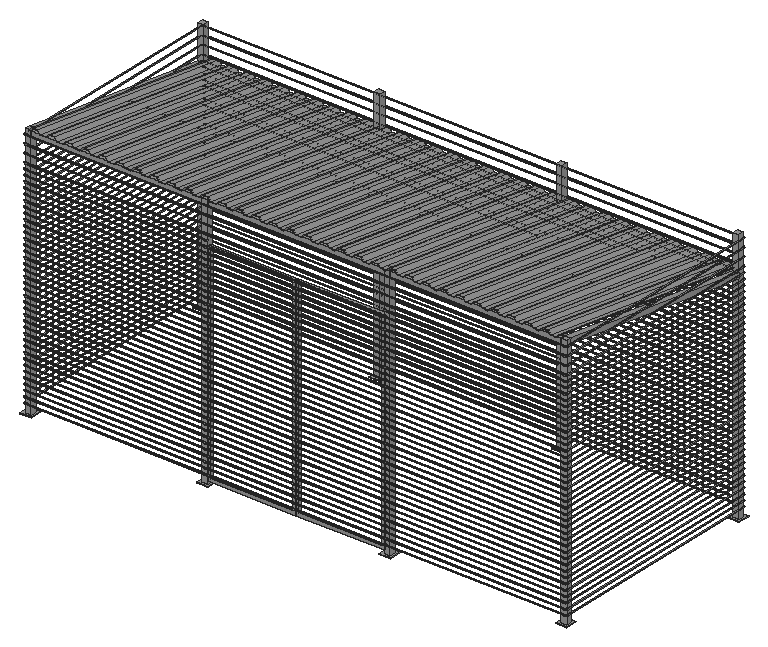
Revit family "31790 Контейнерная площадка для ТБО «Сплит» без хозблока Хоббика", category Антураж, Revit 2018 (continued)
Definition of nested family "3179 Контейнерная площадка для ТБО «Сплит» без хозблока Хоббика В 6,37 м"
  Automatic sketch dimensions
    Extrusion 5 sketch curve to Extrusion 5 sketch curve = 0.414 mm  (x165)
    Extrusion 5 sketch curve to Extrusion 5 sketch curve = 49.172 mm  (x41)
    Extrusion 5 sketch curve to Extrusion 5 sketch curve = 50 mm  (x41)
    Extrusion 5 sketch curve to Extrusion 5 sketch curve = 44.586 mm
    Extrusion 5 sketch curve to Extrusion 5 sketch curve = 0 mm  (x40)
    Extrusion 5 sketch curve to Extrusion 5 sketch curve = 0.293 mm
    Extrusion 5 sketch curve to Extrusion 5 sketch curve = 1 mm  (x82)
    Extrusion 5 sketch curve to Extrusion 5 sketch curve = 24 mm  (x41)
    radius of Extrusion 7 sketch curve = 5 mm  (x42)
    radius of Extrusion 8 sketch curve = 5 mm  (x42)
    radius of Extrusion 9 sketch curve = 5 mm  (x42)
    radius of Extrusion 11 sketch curve = 5 mm  (x4)
    radius of Extrusion 12 sketch curve = 5 mm  (x37)
    radius of Extrusion 13 sketch curve = 5 mm  (x38)
    radius of Extrusion 14 sketch curve = 5 mm  (x38)
    radius of Extrusion 17 sketch curve = 5 mm  (x37)
    radius of Extrusion 22 sketch curve = 5 mm  (x37)
    radius of Extrusion 23 sketch curve = 5 mm  (x37)
Definition of nested family "3179 Контейнерная площадка для ТБО «Сплит» без хозблока Хоббика В 7,92 м"
  Parameters (values of type "3179 Контейнерная площадка для ТБО «Сплит» без хозблока Хоббика В 7,92 м")
    Ширина = 2000 mm
    Цвет каркаса = none
    Длина = 7920 mm
    Height = 2250 mm
  Reference planes
    plane 1 "По центру (Вперед/Назад)": y = 0
    plane 2: z = 0
    plane 3 "По центру (Влево/Вправо)": x = 0
    plane 4: x = 7920
    plane 5: y = 2000
    plane 6: z = 2250
  Forms (mm)
    Extrusion 1, solid, material <- "Цвет каркаса"
      sketch origin (0, 0, 0) x (1, 0, 0) y (0, 1, 0)
        loop
          line (0, 2000) -> (0, 1900) -> (100, 1900) -> (100, 2000) -> (0, 2000)
        loop
          line (7820, 2000) -> (7820, 1900) -> (7920, 1900) -> (7920, 2000) -> (7820, 2000)
        loop
          line (0, 100) -> (0, 0) -> (100, 0) -> (100, 100) -> (0, 100)
        loop
          line (7820, 100) -> (7820, 0) -> (7920, 0) -> (7920, 100) -> (7820, 100)
        loop
          line (1534, 2000) -> (1534, 1900) -> (1634, 1900) -> (1634, 2000) -> (1534, 2000)
        loop
          line (1534, 100) -> (1534, 0) -> (1634, 0) -> (1634, 100) -> (1534, 100)
        loop
          line (3118, 2000) -> (3118, 1900) -> (3218, 1900) -> (3218, 2000) -> (3118, 2000)
        loop
          line (3118, 100) -> (3118, 0) -> (3218, 0) -> (3218, 100) -> (3118, 100)
        loop
          line (4702, 2000) -> (4702, 1900) -> (4802, 1900) -> (4802, 2000) -> (4702, 2000)
        loop
          line (4702, 100) -> (4702, 0) -> (4802, 0) -> (4802, 100) -> (4702, 100)
        loop
          line (6286, 2000) -> (6286, 1900) -> (6386, 1900) -> (6386, 2000) -> (6286, 2000)
        loop
          line (6286, 100) -> (6286, 0) -> (6386, 0) -> (6386, 100) -> (6286, 100)
      from 0 to 5
    Extrusion 2, solid, material <- "Цвет каркаса"
      sketch origin (0, 0, 0) x (1, 0, 0) y (0, 1, 0)
        loop
          line (75, 1925) -> (75, 1975) -> (25, 1975) -> (25, 1925) -> (75, 1925)
        loop
          line (7895, 1925) -> (7895, 1975) -> (7845, 1975) -> (7845, 1925) -> (7895, 1925)
        loop
          line (75, 25) -> (75, 75) -> (25, 75) -> (25, 25) -> (75, 25)
        loop
          line (7895, 25) -> (7895, 75) -> (7845, 75) -> (7845, 25) -> (7895, 25)
        loop
          line (3190.707, 1925) -> (3190.707, 1975) -> (3145.293, 1975) -> (3145.293, 1925) -> (3190.707, 1925)
        loop
          line (3195.293, 25) -> (3195.293, 75) -> (3145.293, 75) -> (3145.293, 25) -> (3195.293, 25)
        loop
          line (1609, 1925) -> (1609, 1975) -> (1559, 1975) -> (1559, 1925) -> (1609, 1925)
        loop
          line (1609, 25) -> (1609, 75) -> (1559, 75) -> (1559, 25) -> (1609, 25)
        loop
          line (4774.707, 1925) -> (4774.707, 1975) -> (4729.293, 1975) -> (4729.293, 1925) -> (4774.707, 1925)
        loop
          line (4779.293, 25) -> (4779.293, 75) -> (4729.293, 75) -> (4729.293, 25) -> (4779.293, 25)
        loop
          line (6358.707, 1925) -> (6358.707, 1975) -> (6313.293, 1975) -> (6313.293, 1925) -> (6358.707, 1925)
        loop
          line (6363.293, 25) -> (6363.293, 75) -> (6313.293, 75) -> (6313.293, 25) -> (6363.293, 25)
      from 0 to 2250
    Extrusion 3, solid, material <- "Цвет каркаса"
      sketch origin (0, 0, 50) x (0, 1, 0) y (0, 0, 1)
        loop
          line (75, 2200) -> (75, 2149.347) -> (1925, 1849.347) -> (1925, 1900) -> (75, 2200)
      from 25 to 75
    Extrusion 4, solid, material <- "Цвет каркаса"
      sketch origin (0, 0, 50) x (0, 1, 0) y (0, 0, 1)
        loop
          line (75, 2200) -> (75, 2149.347) -> (1925, 1849.347) -> (1925, 1900) -> (75, 2200)
      from 4729.293 to 4774.707
    Extrusion 5, solid, material <- "Цвет каркаса"
      sketch origin (0, -359.193, 41.018) x (1, 0, 0) y (0, 0.160071, 0.987105)
        loop
          line (100, 2276) -> (75, 2251) -> (75.707, 2250.293) -> (100.414, 2275) -> (149.586, 2275) -> (174.586, 2250) -> (225.414, 2250) -> (250.414, 2275) -> (299.586, 2275) -> (324.586, 2250) -> (375.414, 2250) -> (400.414, 2275) -> (449.586, 2275) -> (474.586, 2250) -> (525.414, 2250) -> (550.414, 2275) -> (599.586, 2275) -> (624.586, 2250) -> (675.414, 2250) -> (700.414, 2275) -> (749.586, 2275) -> (774.586, 2250) -> (825.414, 2250) -> (850.414, 2275) -> (899.586, 2275) -> (924.586, 2250) -> (975.414, 2250) -> (1000.414, 2275) -> (1049.586, 2275) -> (1074.586, 2250) -> (1125.414, 2250) -> (1150.414, 2275) -> (1199.586, 2275) -> (1224.586, 2250) -> (1275.414, 2250) -> (1300.414, 2275) -> (1349.586, 2275) -> (1374.586, 2250) -> (1425.414, 2250) -> (1450.414, 2275) -> (1499.586, 2275) -> (1524.586, 2250) -> (1575.414, 2250) -> (1600.414, 2275) -> (1649.586, 2275) -> (1674.586, 2250) -> (1725.414, 2250) -> (1750.414, 2275) -> (1799.586, 2275) -> (1824.586, 2250) -> (1875.414, 2250) -> (1900.414, 2275) -> (1949.586, 2275) -> (1974.586, 2250) -> (2025.414, 2250) -> (2050.414, 2275) -> (2099.586, 2275) -> (2124.586, 2250) -> (2175.414, 2250) -> (2200.414, 2275) -> (2249.586, 2275) -> (2274.586, 2250) -> (2325.414, 2250) -> (2350.414, 2275) -> (2399.586, 2275) -> (2424.586, 2250) -> (2475.414, 2250) -> (2500.414, 2275) -> (2549.586, 2275) -> (2574.586, 2250) -> (2625.414, 2250) -> (2650.414, 2275) -> (2699.586, 2275) -> (2724.586, 2250) -> (2775.414, 2250) -> (2800.414, 2275) -> (2849.586, 2275) -> (2874.586, 2250) -> (2925.414, 2250) -> (2950.414, 2275) -> (2999.586, 2275) -> (3024.586, 2250) -> (3075.414, 2250) -> (3100.414, 2275) -> (3149.586, 2275) -> (3174.586, 2250) -> (3225.414, 2250) -> (3250.414, 2275) -> (3299.586, 2275) -> (3324.586, 2250) -> (3375.414, 2250) -> (3400.414, 2275) -> (3449.586, 2275) -> (3474.586, 2250) -> (3525.414, 2250) -> (3550.414, 2275) -> (3599.586, 2275) -> (3624.586, 2250) -> (3675.414, 2250) -> (3700.414, 2275) -> (3749.586, 2275) -> (3774.586, 2250) -> (3825.414, 2250) -> (3850.414, 2275) -> (3899.586, 2275) -> (3924.586, 2250) -> (3975.414, 2250) -> (4000.414, 2275) -> (4049.586, 2275) -> (4074.586, 2250) -> (4125.414, 2250) -> (4150.414, 2275) -> (4199.586, 2275) -> (4224.586, 2250) -> (4275.414, 2250) -> (4300.414, 2275) -> (4349.586, 2275) -> (4374.586, 2250) -> (4425.414, 2250) -> (4450.414, 2275) -> (4499.586, 2275) -> (4524.586, 2250) -> (4575.414, 2250) -> (4600.414, 2275) -> (4649.586, 2275) -> (4674.586, 2250) -> (4725.414, 2250) -> (4750.414, 2275) -> (4799.586, 2275) -> (4824.586, 2250) -> (4875.414, 2250) -> (4900.414, 2275) -> (4949.586, 2275) -> (4974.586, 2250) -> (5025.414, 2250) -> (5050.414, 2275) -> (5099.586, 2275) -> (5124.586, 2250) -> (5175.414, 2250) -> (5200.414, 2275) -> (5249.586, 2275) -> (5274.586, 2250) -> (5325.414, 2250) -> (5350.414, 2275) -> (5399.586, 2275) -> (5424.586, 2250) -> (5475.414, 2250) -> (5500.414, 2275) -> (5549.586, 2275) -> (5574.586, 2250) -> (5625.414, 2250) -> (5650.414, 2275) -> (5699.586, 2275) -> (5724.586, 2250) -> (5775.414, 2250) -> (5800.414, 2275) -> (5849.586, 2275) -> (5874.586, 2250) -> (5925.414, 2250) -> (5950.414, 2275) -> (5999.586, 2275) -> (6024.586, 2250) -> (6075.414, 2250) -> (6100.414, 2275) -> (6149.586, 2275) -> (6174.586, 2250) -> (6225.414, 2250) -> (6250.414, 2275) -> (6299.586, 2275) -> (6324.586, 2250) -> (6375.414, 2250) -> (6400.414, 2275) -> (6449.586, 2275) -> (6474.586, 2250) -> (6525.414, 2250) -> (6550.414, 2275) -> (6599.586, 2275) -> (6624.586, 2250) -> (6675.414, 2250) -> (6700.414, 2275) -> (6749.586, 2275) -> (6774.586, 2250) -> (6825.414, 2250) -> (6850.414, 2275) -> (6899.586, 2275) -> (6924.586, 2250) -> (6975.414, 2250) -> (7000.414, 2275) -> (7049.586, 2275) -> (7074.586, 2250) -> (7125.414, 2250) -> (7150.414, 2275) -> (7199.586, 2275) -> (7224.586, 2250) -> (7275.414, 2250) -> (7300.414, 2275) -> (7349.586, 2275) -> (7374.586, 2250) -> (7425.414, 2250) -> (7450.414, 2275) -> (7499.586, 2275) -> (7524.586, 2250) -> (7575.414, 2250) -> (7600.414, 2275) -> (7649.586, 2275) -> (7674.586, 2250) -> (7725.414, 2250) -> (7750.414, 2275) -> (7799.586, 2275) -> (7824.586, 2250) -> (7845, 2250) -> (7845, 2251) -> (7825, 2251) -> (7800, 2276) -> (7750, 2276) -> (7725, 2251) -> (7675, 2251) -> (7650, 2276) -> (7600, 2276) -> (7575, 2251) -> (7525, 2251) -> (7500, 2276) -> (7450, 2276) -> (7425, 2251) -> (7375, 2251) -> (7350, 2276) -> (7300, 2276) -> (7275, 2251) -> (7225, 2251) -> (7200, 2276) -> (7150, 2276) -> (7125, 2251) -> (7075, 2251) -> (7050, 2276) -> (7000, 2276) -> (6975, 2251) -> (6925, 2251) -> (6900, 2276) -> (6850, 2276) -> (6825, 2251) -> (6775, 2251) -> (6750, 2276) -> (6700, 2276) -> (6675, 2251) -> (6625, 2251) -> (6600, 2276) -> (6550, 2276) -> (6525, 2251) -> (6475, 2251) -> (6450, 2276) -> (6400, 2276) -> (6375, 2251) -> (6325, 2251) -> (6300, 2276) -> (6250, 2276) -> (6225, 2251) -> (6175, 2251) -> (6150, 2276) -> (6100, 2276) -> (6075, 2251) -> (6025, 2251) -> (6000, 2276) -> (5950, 2276) -> (5925, 2251) -> (5875, 2251) -> (5850, 2276) -> (5800, 2276) -> (5775, 2251) -> (5725, 2251) -> (5700, 2276) -> (5650, 2276) -> (5625, 2251) -> (5575, 2251) -> (5550, 2276) -> (5500, 2276) -> (5475, 2251) -> (5425, 2251) -> (5400, 2276) -> (5350, 2276) -> (5325, 2251) -> (5275, 2251) -> (5250, 2276) -> (5200, 2276) -> (5175, 2251) -> (5125, 2251) -> (5100, 2276) -> (5050, 2276) -> (5025, 2251) -> (4975, 2251) -> (4950, 2276) -> (4900, 2276) -> (4875, 2251) -> (4825, 2251) -> (4800, 2276) -> (4750, 2276) -> (4725, 2251) -> (4675, 2251) -> (4650, 2276) -> (4600, 2276) -> (4575, 2251) -> (4525, 2251) -> (4500, 2276) -> (4450, 2276) -> (4425, 2251) -> (4375, 2251) -> (4350, 2276) -> (4300, 2276) -> (4275, 2251) -> (4225, 2251) -> (4200, 2276) -> (4150, 2276) -> (4125, 2251) -> (4075, 2251) -> (4050, 2276) -> (4000, 2276) -> (3975, 2251) -> (3925, 2251) -> (3900, 2276) -> (3850, 2276) -> (3825, 2251) -> (3775, 2251) -> (3750, 2276) -> (3700, 2276) -> (3675, 2251) -> (3625, 2251) -> (3600, 2276) -> (3550, 2276) -> (3525, 2251) -> (3475, 2251) -> (3450, 2276) -> (3400, 2276) -> (3375, 2251) -> (3325, 2251) -> (3300, 2276) -> (3250, 2276) -> (3225, 2251) -> (3175, 2251) -> (3150, 2276) -> (3100, 2276) -> (3075, 2251) -> (3025, 2251) -> (3000, 2276) -> (2950, 2276) -> (2925, 2251) -> (2875, 2251) -> (2850, 2276) -> (2800, 2276) -> (2775, 2251) -> (2725, 2251) -> (2700, 2276) -> (2650, 2276) -> (2625, 2251) -> (2575, 2251) -> (2550, 2276) -> (2500, 2276) -> (2475, 2251) -> (2425, 2251) -> (2400, 2276) -> (2350, 2276) -> (2325, 2251) -> (2275, 2251) -> (2250, 2276) -> (2200, 2276) -> (2175, 2251) -> (2125, 2251) -> (2100, 2276) -> (2050, 2276) -> (2025, 2251) -> (1975, 2251) -> (1950, 2276) -> (1900, 2276) -> (1875, 2251) -> (1825, 2251) -> (1800, 2276) -> (1750, 2276) -> (1725, 2251) -> (1675, 2251) -> (1650, 2276) -> (1600, 2276) -> (1575, 2251) -> (1525, 2251) -> (1500, 2276) -> (1450, 2276) -> (1425, 2251) -> (1375, 2251) -> (1350, 2276) -> (1300, 2276) -> (1275, 2251) -> (1225, 2251) -> (1200, 2276) -> (1150, 2276) -> (1125, 2251) -> (1075, 2251) -> (1050, 2276) -> (1000, 2276) -> (975, 2251) -> (925, 2251) -> (900, 2276) -> (850, 2276) -> (825, 2251) -> (775, 2251) -> (750, 2276) -> (700, 2276) -> (675, 2251) -> (625, 2251) -> (600, 2276) -> (550, 2276) -> (525, 2251) -> (475, 2251) -> (450, 2276) -> (400, 2276) -> (375, 2251) -> (325, 2251) -> (300, 2276) -> (250, 2276) -> (225, 2251) -> (175, 2251) -> (150, 2276) -> (100, 2276)
      from 0 to -2020.773
    Extrusion 6, solid, material <- "Цвет каркаса"
      sketch origin (0, 0, 0) x (0, 1, 0) y (0, 0, 1)
        loop
          line (1925, 1941.892) -> (1925, 1891.892) -> (1975, 1891.892) -> (1975, 1941.892) -> (1925, 1941.892)
        loop
          line (25, 2250) -> (25, 2200) -> (75, 2200) -> (75, 2250) -> (25, 2250)
        loop
          line (975, 2104.054) -> (975, 2053.401) -> (1025, 2045.293) -> (1025, 2095.946) -> (975, 2104.054)
      from 75 to 7845
    Extrusion 7, solid, material <- "Цвет каркаса"
      sketch origin (0, 0, 0) x (0, 1, 0) y (0, 0, 1)
        loop
          circle (1980, 80) r 5
        loop
          circle (1980, 130) r 5
        loop
          circle (1980, 180) r 5
        loop
          circle (1980, 230) r 5
        loop
          circle (1980, 280) r 5
        loop
          circle (1980, 330) r 5
        loop
          circle (1980, 380) r 5
        loop
          circle (1980, 430) r 5
        loop
          circle (1980, 480) r 5
        loop
          circle (1980, 530) r 5
        loop
          circle (1980, 580) r 5
        loop
          circle (1980, 630) r 5
        loop
          circle (1980, 680) r 5
        loop
          circle (1980, 730) r 5
        loop
          circle (1980, 780) r 5
        loop
          circle (1980, 830) r 5
        loop
          circle (1980, 880) r 5
        loop
          circle (1980, 930) r 5
        loop
          circle (1980, 980) r 5
        loop
          circle (1980, 1030) r 5
        loop
          circle (1980, 1080) r 5
        loop
          circle (1980, 1130) r 5
        loop
          circle (1980, 1180) r 5
        loop
          circle (1980, 1230) r 5
        loop
          circle (1980, 1280) r 5
        loop
          circle (1980, 1330) r 5
        loop
          circle (1980, 1380) r 5
        loop
          circle (1980, 1430) r 5
        loop
          circle (1980, 1480) r 5
        loop
          circle (1980, 1530) r 5
        loop
          circle (1980, 1580) r 5
        loop
          circle (1980, 1630) r 5
        loop
          circle (1980, 1680) r 5
        loop
          circle (1980, 1730) r 5
        loop
          circle (1980, 1780) r 5
        loop
          circle (1980, 1830) r 5
        loop
          circle (1980, 1880) r 5
        loop
          circle (1980, 1930) r 5
        loop
          circle (1980, 1980) r 5
        loop
          circle (1980, 2055) r 5
        loop
          circle (1980, 2130) r 5
        loop
          circle (1980, 2205) r 5
      from 25 to 7895
    Extrusion 8, solid, material <- "Цвет каркаса"
      sketch origin (-1960, 2000, 0) x (1, 0, 0) y (0, 0, 1)
        loop
          circle (1980, 80) r 5
        loop
          circle (1980, 130) r 5
        loop
          circle (1980, 180) r 5
        loop
          circle (1980, 230) r 5
        loop
          circle (1980, 280) r 5
        loop
          circle (1980, 330) r 5
        loop
          circle (1980, 380) r 5
        loop
          circle (1980, 430) r 5
        loop
          circle (1980, 480) r 5
        loop
          circle (1980, 530) r 5
        loop
          circle (1980, 580) r 5
        loop
          circle (1980, 630) r 5
        loop
          circle (1980, 680) r 5
        loop
          circle (1980, 730) r 5
        loop
          circle (1980, 780) r 5
        loop
          circle (1980, 830) r 5
        loop
          circle (1980, 880) r 5
        loop
          circle (1980, 930) r 5
        loop
          circle (1980, 980) r 5
        loop
          circle (1980, 1030) r 5
        loop
          circle (1980, 1080) r 5
        loop
          circle (1980, 1130) r 5
        loop
          circle (1980, 1180) r 5
        loop
          circle (1980, 1230) r 5
        loop
          circle (1980, 1280) r 5
        loop
          circle (1980, 1330) r 5
        loop
          circle (1980, 1380) r 5
        loop
          circle (1980, 1430) r 5
        loop
          circle (1980, 1480) r 5
        loop
          circle (1980, 1530) r 5
        loop
          circle (1980, 1580) r 5
        loop
          circle (1980, 1630) r 5
        loop
          circle (1980, 1680) r 5
        loop
          circle (1980, 1730) r 5
        loop
          circle (1980, 1780) r 5
        loop
          circle (1980, 1830) r 5
        loop
          circle (1980, 1880) r 5
        loop
          circle (1980, 1930) r 5
        loop
          circle (1980, 1980) r 5
        loop
          circle (1980, 2055) r 5
        loop
          circle (1980, 2130) r 5
        loop
          circle (1980, 2205) r 5
      from 25 to 1975
    Extrusion 9, solid, material <- "Цвет каркаса"
      sketch origin (-280, 2000, 0) x (1, 0, 0) y (0, 0, 1)
        loop
          circle (8180, 1680) r 5
        loop
          circle (8180, 1730) r 5
        loop
          circle (8180, 1780) r 5
        loop
          circle (8180, 1830) r 5
        loop
          circle (8180, 1880) r 5
        loop
          circle (8180, 1930) r 5
        loop
          circle (8180, 1980) r 5
        loop
          circle (8180, 2055) r 5
        loop
          circle (8180, 2130) r 5
        loop
          circle (8180, 2205) r 5
        loop
          circle (8180, 1430) r 5
        loop
          circle (8180, 1480) r 5
        loop
          circle (8180, 1530) r 5
        loop
          circle (8180, 1580) r 5
        loop
          circle (8180, 1630) r 5
        loop
          circle (8180, 1180) r 5
        loop
          circle (8180, 1230) r 5
        loop
          circle (8180, 1280) r 5
        loop
          circle (8180, 1330) r 5
        loop
          circle (8180, 1380) r 5
        loop
          circle (8180, 930) r 5
        loop
          circle (8180, 980) r 5
        loop
          circle (8180, 1030) r 5
        loop
          circle (8180, 1080) r 5
        loop
          circle (8180, 1130) r 5
        loop
          circle (8180, 680) r 5
        loop
          circle (8180, 730) r 5
        loop
          circle (8180, 780) r 5
        loop
          circle (8180, 830) r 5
        loop
          circle (8180, 880) r 5
        loop
          circle (8180, 430) r 5
        loop
          circle (8180, 480) r 5
        loop
          circle (8180, 530) r 5
        loop
          circle (8180, 580) r 5
        loop
          circle (8180, 630) r 5
        loop
          circle (8180, 180) r 5
        loop
          circle (8180, 230) r 5
        loop
          circle (8180, 280) r 5
        loop
          circle (8180, 330) r 5
        loop
          circle (8180, 380) r 5
        loop
          circle (8180, 80) r 5
        loop
          circle (8180, 130) r 5
      from 25 to 1975
    Extrusion 10, solid, material <- "Цвет каркаса"
      sketch origin (0, 0, 0) x (1, 0, 0) y (0, 0, 1)
        loop
          line (1609, 30.567) -> (2377.146, 30.567) -> (2377.146, 1891.892) -> (1609, 1891.892) -> (1609, 30.567)
        loop
          line (2352.146, 1866.892) -> (1634, 1866.892) -> (1634, 55.567) -> (2352.146, 55.567) -> (2352.146, 1866.892)
        loop
          line (4779.293, 30.567) -> (5547.439, 30.567) -> (5547.439, 1891.892) -> (4779.293, 1891.892) -> (4779.293, 30.567)
        loop
          line (5522.439, 1866.892) -> (4804.293, 1866.892) -> (4804.293, 55.567) -> (5522.439, 55.567) -> (5522.439, 1866.892)
      from -25 to -50
    Extrusion 11, solid, material <- "Цвет каркаса"
      sketch origin (0, -1960, 0) x (0, 1, 0) y (0, 0, 1)
        loop
          circle (1980, 1980) r 5
        loop
          circle (1980, 2055) r 5
        loop
          circle (1980, 2130) r 5
        loop
          circle (1980, 2205) r 5
      from 25 to 7895
    Extrusion 12, solid, material <- "Цвет каркаса"
      sketch origin (0, -1960, 0) x (0, 1, 0) y (0, 0, 1)
        loop
          circle (1980, 80) r 5
        loop
          circle (1980, 130) r 5
        loop
          circle (1980, 180) r 5
        loop
          circle (1980, 230) r 5
        loop
          circle (1980, 280) r 5
        loop
          circle (1980, 330) r 5
        loop
          circle (1980, 380) r 5
        loop
          circle (1980, 430) r 5
        loop
          circle (1980, 480) r 5
        loop
          circle (1980, 530) r 5
        loop
          circle (1980, 580) r 5
        loop
          circle (1980, 630) r 5
        loop
          circle (1980, 680) r 5
        loop
          circle (1980, 730) r 5
        loop
          circle (1980, 780) r 5
        loop
          circle (1980, 830) r 5
        loop
          circle (1980, 880) r 5
        loop
          circle (1980, 930) r 5
        loop
          circle (1980, 980) r 5
        loop
          circle (1980, 1030) r 5
        loop
          circle (1980, 1080) r 5
        loop
          circle (1980, 1130) r 5
        loop
          circle (1980, 1180) r 5
        loop
          circle (1980, 1230) r 5
        loop
          circle (1980, 1280) r 5
        loop
          circle (1980, 1330) r 5
        loop
          circle (1980, 1380) r 5
        loop
          circle (1980, 1430) r 5
        loop
          circle (1980, 1480) r 5
        loop
          circle (1980, 1530) r 5
        loop
          circle (1980, 1580) r 5
        loop
          circle (1980, 1630) r 5
        loop
          circle (1980, 1680) r 5
        loop
          circle (1980, 1730) r 5
        loop
          circle (1980, 1780) r 5
        loop
          circle (1980, 1830) r 5
        loop
          circle (1980, 1880) r 5
      from 1609 to 2377.146
    Extrusion 13, solid, material <- "Цвет каркаса"
      sketch origin (0, -1960, 0) x (0, 1, 0) y (0, 0, 1)
        loop
          circle (1980, 80) r 5
        loop
          circle (1980, 130) r 5
        loop
          circle (1980, 180) r 5
        loop
          circle (1980, 230) r 5
        loop
          circle (1980, 280) r 5
        loop
          circle (1980, 330) r 5
        loop
          circle (1980, 380) r 5
        loop
          circle (1980, 430) r 5
        loop
          circle (1980, 480) r 5
        loop
          circle (1980, 530) r 5
        loop
          circle (1980, 580) r 5
        loop
          circle (1980, 630) r 5
        loop
          circle (1980, 680) r 5
        loop
          circle (1980, 730) r 5
        loop
          circle (1980, 780) r 5
        loop
          circle (1980, 830) r 5
        loop
          circle (1980, 880) r 5
        loop
          circle (1980, 930) r 5
        loop
          circle (1980, 980) r 5
        loop
          circle (1980, 1030) r 5
        loop
          circle (1980, 1080) r 5
        loop
          circle (1980, 1130) r 5
        loop
          circle (1980, 1180) r 5
        loop
          circle (1980, 1230) r 5
        loop
          circle (1980, 1280) r 5
        loop
          circle (1980, 1330) r 5
        loop
          circle (1980, 1380) r 5
        loop
          circle (1980, 1430) r 5
        loop
          circle (1980, 1480) r 5
        loop
          circle (1980, 1530) r 5
        loop
          circle (1980, 1580) r 5
        loop
          circle (1980, 1630) r 5
        loop
          circle (1980, 1680) r 5
        loop
          circle (1980, 1730) r 5
        loop
          circle (1980, 1780) r 5
        loop
          circle (1980, 1830) r 5
        loop
          circle (1980, 1880) r 5
        loop
          circle (1980, 1930) r 5
      from 25 to 1609
    Extrusion 14, solid, material <- "Цвет каркаса"
      sketch origin (0, -1960, 0) x (0, 1, 0) y (0, 0, 1)
        loop
          circle (1980, 80) r 5
        loop
          circle (1980, 130) r 5
        loop
          circle (1980, 180) r 5
        loop
          circle (1980, 230) r 5
        loop
          circle (1980, 280) r 5
        loop
          circle (1980, 330) r 5
        loop
          circle (1980, 380) r 5
        loop
          circle (1980, 430) r 5
        loop
          circle (1980, 480) r 5
        loop
          circle (1980, 530) r 5
        loop
          circle (1980, 580) r 5
        loop
          circle (1980, 630) r 5
        loop
          circle (1980, 680) r 5
        loop
          circle (1980, 730) r 5
        loop
          circle (1980, 780) r 5
        loop
          circle (1980, 830) r 5
        loop
          circle (1980, 880) r 5
        loop
          circle (1980, 930) r 5
        loop
          circle (1980, 980) r 5
        loop
          circle (1980, 1030) r 5
        loop
          circle (1980, 1080) r 5
        loop
          circle (1980, 1130) r 5
        loop
          circle (1980, 1180) r 5
        loop
          circle (1980, 1230) r 5
        loop
          circle (1980, 1280) r 5
        loop
          circle (1980, 1330) r 5
        loop
          circle (1980, 1380) r 5
        loop
          circle (1980, 1430) r 5
        loop
          circle (1980, 1480) r 5
        loop
          circle (1980, 1530) r 5
        loop
          circle (1980, 1580) r 5
        loop
          circle (1980, 1630) r 5
        loop
          circle (1980, 1680) r 5
        loop
          circle (1980, 1730) r 5
        loop
          circle (1980, 1780) r 5
        loop
          circle (1980, 1830) r 5
        loop
          circle (1980, 1880) r 5
        loop
          circle (1980, 1930) r 5
      from 6313.293 to 7895
    Extrusion 15, solid, material <- "Цвет каркаса"
      sketch origin (0, 0, 50) x (0, 1, 0) y (0, 0, 1)
        loop
          line (75, 2200) -> (75, 2149.347) -> (1925, 1849.347) -> (1925, 1900) -> (75, 2200)
      from 3145.293 to 3190.707
    Extrusion 16, solid, material <- "Цвет каркаса"
      sketch origin (0, 0, 50) x (0, 1, 0) y (0, 0, 1)
        loop
          line (75, 2200) -> (75, 2149.347) -> (1925, 1849.347) -> (1925, 1900) -> (75, 2200)
      from 1567.5 to 1617.5
    Extrusion 17, solid, material <- "Цвет каркаса"
      sketch origin (0, -1960, 0) x (0, 1, 0) y (0, 0, 1)
        loop
          circle (1980, 80) r 5
        loop
          circle (1980, 130) r 5
        loop
          circle (1980, 180) r 5
        loop
          circle (1980, 230) r 5
        loop
          circle (1980, 280) r 5
        loop
          circle (1980, 330) r 5
        loop
          circle (1980, 380) r 5
        loop
          circle (1980, 430) r 5
        loop
          circle (1980, 480) r 5
        loop
          circle (1980, 530) r 5
        loop
          circle (1980, 580) r 5
        loop
          circle (1980, 630) r 5
        loop
          circle (1980, 680) r 5
        loop
          circle (1980, 730) r 5
        loop
          circle (1980, 780) r 5
        loop
          circle (1980, 830) r 5
        loop
          circle (1980, 880) r 5
        loop
          circle (1980, 930) r 5
        loop
          circle (1980, 980) r 5
        loop
          circle (1980, 1030) r 5
        loop
          circle (1980, 1080) r 5
        loop
          circle (1980, 1130) r 5
        loop
          circle (1980, 1180) r 5
        loop
          circle (1980, 1230) r 5
        loop
          circle (1980, 1280) r 5
        loop
          circle (1980, 1330) r 5
        loop
          circle (1980, 1380) r 5
        loop
          circle (1980, 1430) r 5
        loop
          circle (1980, 1480) r 5
        loop
          circle (1980, 1530) r 5
        loop
          circle (1980, 1580) r 5
        loop
          circle (1980, 1630) r 5
        loop
          circle (1980, 1680) r 5
        loop
          circle (1980, 1730) r 5
        loop
          circle (1980, 1780) r 5
        loop
          circle (1980, 1830) r 5
        loop
          circle (1980, 1880) r 5
      from 2377.146 to 3145.293
    Extrusion 18, solid, material <- "Цвет каркаса"
      sketch origin (0, 0, 50) x (0, 1, 0) y (0, 0, 1)
        loop
          line (75, 2200) -> (75, 2149.347) -> (1925, 1849.347) -> (1925, 1900) -> (75, 2200)
      from 6313.293 to 6358.707
    Extrusion 19, solid, material <- "Цвет каркаса"
      sketch origin (0, -1960, 0) x (0, 1, 0) y (0, 0, 1)
        loop
          circle (1980, 80) r 5
        loop
          circle (1980, 130) r 5
        loop
          circle (1980, 180) r 5
        loop
          circle (1980, 230) r 5
        loop
          circle (1980, 280) r 5
        loop
          circle (1980, 330) r 5
        loop
          circle (1980, 380) r 5
        loop
          circle (1980, 430) r 5
        loop
          circle (1980, 480) r 5
        loop
          circle (1980, 530) r 5
        loop
          circle (1980, 580) r 5
        loop
          circle (1980, 630) r 5
        loop
          circle (1980, 680) r 5
        loop
          circle (1980, 730) r 5
        loop
          circle (1980, 780) r 5
        loop
          circle (1980, 830) r 5
        loop
          circle (1980, 880) r 5
        loop
          circle (1980, 930) r 5
        loop
          circle (1980, 980) r 5
        loop
          circle (1980, 1030) r 5
        loop
          circle (1980, 1080) r 5
        loop
          circle (1980, 1130) r 5
        loop
          circle (1980, 1180) r 5
        loop
          circle (1980, 1230) r 5
        loop
          circle (1980, 1280) r 5
        loop
          circle (1980, 1330) r 5
        loop
          circle (1980, 1380) r 5
        loop
          circle (1980, 1430) r 5
        loop
          circle (1980, 1480) r 5
        loop
          circle (1980, 1530) r 5
        loop
          circle (1980, 1580) r 5
        loop
          circle (1980, 1630) r 5
        loop
          circle (1980, 1680) r 5
        loop
          circle (1980, 1730) r 5
        loop
          circle (1980, 1780) r 5
        loop
          circle (1980, 1830) r 5
        loop
          circle (1980, 1880) r 5
      from 4779.293 to 5547.439
    Extrusion 20, solid, material <- "Цвет каркаса"
      sketch origin (0, -1960, 0) x (0, 1, 0) y (0, 0, 1)
        loop
          circle (1980, 80) r 5
        loop
          circle (1980, 130) r 5
        loop
          circle (1980, 180) r 5
        loop
          circle (1980, 230) r 5
        loop
          circle (1980, 280) r 5
        loop
          circle (1980, 330) r 5
        loop
          circle (1980, 380) r 5
        loop
          circle (1980, 430) r 5
        loop
          circle (1980, 480) r 5
        loop
          circle (1980, 530) r 5
        loop
          circle (1980, 580) r 5
        loop
          circle (1980, 630) r 5
        loop
          circle (1980, 680) r 5
        loop
          circle (1980, 730) r 5
        loop
          circle (1980, 780) r 5
        loop
          circle (1980, 830) r 5
        loop
          circle (1980, 880) r 5
        loop
          circle (1980, 930) r 5
        loop
          circle (1980, 980) r 5
        loop
          circle (1980, 1030) r 5
        loop
          circle (1980, 1080) r 5
        loop
          circle (1980, 1130) r 5
        loop
          circle (1980, 1180) r 5
        loop
          circle (1980, 1230) r 5
        loop
          circle (1980, 1280) r 5
        loop
          circle (1980, 1330) r 5
        loop
          circle (1980, 1380) r 5
        loop
          circle (1980, 1430) r 5
        loop
          circle (1980, 1480) r 5
        loop
          circle (1980, 1530) r 5
        loop
          circle (1980, 1580) r 5
        loop
          circle (1980, 1630) r 5
        loop
          circle (1980, 1680) r 5
        loop
          circle (1980, 1730) r 5
        loop
          circle (1980, 1780) r 5
        loop
          circle (1980, 1830) r 5
        loop
          circle (1980, 1880) r 5
      from 5547.439 to 6313.293
    Extrusion 21, solid, material <- "Цвет каркаса"
      sketch origin (768.146, 0, 0) x (1, 0, 0) y (0, 0, 1)
        loop
          line (1609, 30.567) -> (2377.146, 30.567) -> (2377.146, 1891.892) -> (1609, 1891.892) -> (1609, 30.567)
        loop
          line (2352.146, 1866.892) -> (1634, 1866.892) -> (1634, 55.567) -> (2352.146, 55.567) -> (2352.146, 1866.892)
        loop
          line (4779.293, 30.567) -> (5545.146, 30.567) -> (5545.146, 1891.892) -> (4779.293, 1891.892) -> (4779.293, 30.567)
        loop
          line (5522.439, 1866.892) -> (4804.293, 1866.892) -> (4804.293, 55.567) -> (5522.439, 55.567) -> (5522.439, 1866.892)
      from -25 to -50
    Extrusion 22, solid, material <- "Цвет каркаса"
      sketch origin (0, -1960, 0) x (0, 1, 0) y (0, 0, 1)
        loop
          circle (1980, 80) r 5
        loop
          circle (1980, 130) r 5
        loop
          circle (1980, 180) r 5
        loop
          circle (1980, 230) r 5
        loop
          circle (1980, 280) r 5
        loop
          circle (1980, 330) r 5
        loop
          circle (1980, 380) r 5
        loop
          circle (1980, 430) r 5
        loop
          circle (1980, 480) r 5
        loop
          circle (1980, 530) r 5
        loop
          circle (1980, 580) r 5
        loop
          circle (1980, 630) r 5
        loop
          circle (1980, 680) r 5
        loop
          circle (1980, 730) r 5
        loop
          circle (1980, 780) r 5
        loop
          circle (1980, 830) r 5
        loop
          circle (1980, 880) r 5
        loop
          circle (1980, 930) r 5
        loop
          circle (1980, 980) r 5
        loop
          circle (1980, 1030) r 5
        loop
          circle (1980, 1080) r 5
        loop
          circle (1980, 1130) r 5
        loop
          circle (1980, 1180) r 5
        loop
          circle (1980, 1230) r 5
        loop
          circle (1980, 1280) r 5
        loop
          circle (1980, 1330) r 5
        loop
          circle (1980, 1380) r 5
        loop
          circle (1980, 1430) r 5
        loop
          circle (1980, 1480) r 5
        loop
          circle (1980, 1530) r 5
        loop
          circle (1980, 1580) r 5
        loop
          circle (1980, 1630) r 5
        loop
          circle (1980, 1680) r 5
        loop
          circle (1980, 1730) r 5
        loop
          circle (1980, 1780) r 5
        loop
          circle (1980, 1830) r 5
        loop
          circle (1980, 1880) r 5
        loop
          circle (1980, 1930) r 5
      from 3145.293 to 4779.293
    Extrusion 23, solid, material <- "Цвет каркаса"
      sketch origin (0, 0, 50) x (0, 1, 0) y (0, 0, 1)
        loop
          line (75, 2200) -> (75, 2149.347) -> (1925, 1849.347) -> (1925, 1900) -> (75, 2200)
      from 7845 to 7895
  Dimensions and locks
    "Длина": plane 3 "По центру (Влево/Вправо)" to plane 4
    "Ширина": plane 5 to plane 1 "По центру (Вперед/Назад)"
    "Height": plane 6 to plane 2
    aligned and locked: level to plane 2
  Automatic sketch dimensions
    Extrusion 1 sketch curve to plane 3 "По центру (Влево/Вправо)" = 0 mm  (x2)
    plane 1 "По центру (Вперед/Назад)" to Extrusion 1 sketch curve = 0 mm  (x6)
    Extrusion 1 sketch curve to plane 5 = 0 mm  (x6)
    Extrusion 1 sketch curve to plane 4 = 0 mm  (x2)
    plane 3 "По центру (Влево/Вправо)" to Extrusion 1 sketch curve = 100 mm  (x2)
    Extrusion 1 sketch curve to plane 1 "По центру (Вперед/Назад)" = 100 mm  (x5)
    Extrusion 1 sketch curve to Extrusion 1 sketch curve = 1434 mm  (x2)
    Extrusion 1 sketch curve to plane 5 = 100 mm  (x6)
    Extrusion 1 sketch curve to Extrusion 1 sketch curve = 100 mm  (x10)
    Extrusion 1 sketch curve to Extrusion 1 sketch curve = 1484 mm  (x6)
    Extrusion 1 sketch curve to plane 4 = 100 mm
    plane 3 "По центру (Влево/Вправо)" to Extrusion 2 sketch curve = 25 mm  (x2)
    Extrusion 2 sketch curve to plane 5 = 25 mm  (x6)
    Extrusion 2 sketch curve to Extrusion 2 sketch curve = 50 mm  (x15)
    Extrusion 2 sketch curve to Extrusion 2 sketch curve = 1484 mm  (x2)
    Extrusion 2 sketch curve to plane 1 "По центру (Вперед/Назад)" = 75 mm  (x3)
    Extrusion 2 sketch curve to Extrusion 2 sketch curve = 1536.293 mm  (x2)
    Extrusion 2 sketch curve to Extrusion 2 sketch curve = 45.414 mm  (x3)
    Extrusion 2 sketch curve to plane 1 "По центру (Вперед/Назад)" = 25 mm  (x6)
    Extrusion 2 sketch curve to Extrusion 2 sketch curve = 1534 mm  (x2)
    Extrusion 2 sketch curve to Extrusion 2 sketch curve = 1538.586 mm  (x2)
    Extrusion 2 sketch curve to plane 5 = 75 mm
    Extrusion 2 sketch curve to plane 4 = 75 mm  (x2)
    Extrusion 2 sketch curve to plane 4 = 25 mm  (x2)
    Extrusion 3 sketch curve to plane 6 = 0 mm
    Extrusion 3 sketch curve to plane 1 "По центру (Вперед/Назад)" = 75 mm
    Extrusion 3 sketch curve to plane 5 = 75 mm
    Extrusion 3 sketch curve to Extrusion 3 sketch curve = 50.653 mm  (x2)
    Extrusion 3 sketch curve to plane 6 = 300 mm
    Extrusion 4 sketch curve to plane 6 = 0 mm
    Extrusion 4 sketch curve to plane 1 "По центру (Вперед/Назад)" = 75 mm
    Extrusion 4 sketch curve to plane 5 = 75 mm
    Extrusion 4 sketch curve to Extrusion 4 sketch curve = 50.653 mm  (x2)
    Extrusion 4 sketch curve to plane 6 = 300 mm
    plane 3 "По центру (Влево/Вправо)" to Extrusion 5 sketch curve = 75 mm
    Extrusion 5 sketch curve to Extrusion 5 sketch curve = 0.707 mm  (x2)
    Extrusion 5 sketch curve to Extrusion 5 sketch curve = 25 mm  (x104)
    Extrusion 5 sketch curve to Extrusion 5 sketch curve = 0.414 mm  (x207)
    Extrusion 5 sketch curve to Extrusion 5 sketch curve = 49.172 mm  (x52)
    Extrusion 5 sketch curve to Extrusion 5 sketch curve = 50 mm  (x51)
    Extrusion 5 sketch curve to Extrusion 5 sketch curve = 20 mm
    Extrusion 5 sketch curve to Extrusion 5 sketch curve = 0 mm  (x51)
    Extrusion 5 sketch curve to Extrusion 5 sketch curve = 0.293 mm
    Extrusion 5 sketch curve to Extrusion 5 sketch curve = 1 mm  (x103)
    Extrusion 5 sketch curve to Extrusion 5 sketch curve = 24 mm  (x51)
    Extrusion 6 sketch curve to plane 6 = 0 mm
    Extrusion 6 sketch curve to plane 1 "По центру (Вперед/Назад)" = 25 mm
    Extrusion 6 sketch curve to Extrusion 6 sketch curve = 50 mm  (x4)
    Extrusion 6 sketch curve to plane 6 = 196.599 mm
    Extrusion 6 sketch curve to Extrusion 6 sketch curve = 900 mm
    Extrusion 6 sketch curve to plane 5 = 75 mm
    Extrusion 6 sketch curve to plane 5 = 25 mm
    Extrusion 6 sketch curve to Extrusion 6 sketch curve = 8.108 mm  (x2)
    Extrusion 6 sketch curve to plane 6 = 308.108 mm
    Extrusion 6 sketch curve to Extrusion 6 sketch curve = 50.653 mm
    Extrusion 7 sketch curve to plane 5 = 20 mm  (x42)
    level to Extrusion 7 sketch curve = 80 mm
    Extrusion 7 sketch curve to Extrusion 7 sketch curve = 50 mm  (x38)
    Extrusion 7 sketch curve to Extrusion 7 sketch curve = 75 mm  (x2)
    Extrusion 7 sketch curve to plane 6 = 45 mm
    plane 3 "По центру (Влево/Вправо)" to Extrusion 8 sketch curve = 20 mm  (x42)
    level to Extrusion 8 sketch curve = 80 mm
    Extrusion 8 sketch curve to Extrusion 8 sketch curve = 50 mm  (x38)
    Extrusion 8 sketch curve to Extrusion 8 sketch curve = 75 mm  (x2)
    Extrusion 8 sketch curve to plane 6 = 45 mm
    Extrusion 9 sketch curve to plane 4 = 20 mm  (x42)
    level to Extrusion 9 sketch curve = 80 mm
    Extrusion 9 sketch curve to Extrusion 9 sketch curve = 50 mm  (x38)
    Extrusion 9 sketch curve to Extrusion 9 sketch curve = 75 mm  (x2)
    Extrusion 9 sketch curve to plane 6 = 45 mm
    level to Extrusion 10 sketch curve = 30.567 mm  (x2)
    plane 3 "По центру (Влево/Вправо)" to Extrusion 10 sketch curve = 1609 mm
    Extrusion 10 sketch curve to Extrusion 10 sketch curve = 25 mm  (x8)
    Extrusion 10 sketch curve to Extrusion 10 sketch curve = 718.146 mm  (x2)
    Extrusion 10 sketch curve to Extrusion 10 sketch curve = 2402.146 mm
    Extrusion 10 sketch curve to plane 6 = 383.108 mm  (x2)
    Extrusion 11 sketch curve to plane 1 "По центру (Вперед/Назад)" = 20 mm  (x4)
    Extrusion 11 sketch curve to plane 6 = 270 mm
    Extrusion 11 sketch curve to Extrusion 11 sketch curve = 75 mm  (x2)
    Extrusion 11 sketch curve to plane 6 = 45 mm
    Extrusion 12 sketch curve to plane 1 "По центру (Вперед/Назад)" = 20 mm  (x37)
    level to Extrusion 12 sketch curve = 80 mm
    Extrusion 12 sketch curve to Extrusion 12 sketch curve = 50 mm  (x36)
    Extrusion 13 sketch curve to plane 1 "По центру (Вперед/Назад)" = 20 mm  (x38)
    level to Extrusion 13 sketch curve = 80 mm
    Extrusion 13 sketch curve to Extrusion 13 sketch curve = 50 mm  (x37)
    Extrusion 14 sketch curve to plane 1 "По центру (Вперед/Назад)" = 20 mm  (x38)
    level to Extrusion 14 sketch curve = 80 mm
    Extrusion 14 sketch curve to Extrusion 14 sketch curve = 50 mm  (x37)
    Extrusion 15 sketch curve to plane 6 = 0 mm
    Extrusion 15 sketch curve to plane 1 "По центру (Вперед/Назад)" = 75 mm
    Extrusion 15 sketch curve to plane 5 = 75 mm
    Extrusion 15 sketch curve to Extrusion 15 sketch curve = 50.653 mm  (x2)
    Extrusion 15 sketch curve to plane 6 = 300 mm
    Extrusion 16 sketch curve to plane 6 = 0 mm
    Extrusion 16 sketch curve to plane 1 "По центру (Вперед/Назад)" = 75 mm
    Extrusion 16 sketch curve to plane 5 = 75 mm
    Extrusion 16 sketch curve to Extrusion 16 sketch curve = 50.653 mm  (x2)
    Extrusion 16 sketch curve to plane 6 = 300 mm
    Extrusion 17 sketch curve to plane 1 "По центру (Вперед/Назад)" = 20 mm  (x37)
    level to Extrusion 17 sketch curve = 80 mm
    Extrusion 17 sketch curve to Extrusion 17 sketch curve = 50 mm  (x36)
    Extrusion 18 sketch curve to plane 6 = 0 mm
    Extrusion 18 sketch curve to plane 1 "По центру (Вперед/Назад)" = 75 mm
    Extrusion 18 sketch curve to plane 5 = 75 mm
    Extrusion 18 sketch curve to Extrusion 18 sketch curve = 50.653 mm  (x2)
    Extrusion 18 sketch curve to plane 6 = 300 mm
    Extrusion 19 sketch curve to plane 1 "По центру (Вперед/Назад)" = 20 mm  (x37)
    level to Extrusion 19 sketch curve = 80 mm
    Extrusion 19 sketch curve to Extrusion 19 sketch curve = 50 mm  (x36)
    Extrusion 20 sketch curve to plane 1 "По центру (Вперед/Назад)" = 20 mm  (x37)
    level to Extrusion 20 sketch curve = 80 mm
    Extrusion 20 sketch curve to Extrusion 20 sketch curve = 50 mm  (x36)
    level to Extrusion 21 sketch curve = 30.567 mm  (x2)
    plane 3 "По центру (Влево/Вправо)" to Extrusion 21 sketch curve = 2377.146 mm
    Extrusion 21 sketch curve to Extrusion 21 sketch curve = 25 mm  (x7)
    Extrusion 21 sketch curve to Extrusion 21 sketch curve = 718.146 mm  (x2)
    Extrusion 21 sketch curve to plane 4 = 2372.561 mm
    Extrusion 21 sketch curve to Extrusion 21 sketch curve = 22.707 mm
    Extrusion 21 sketch curve to plane 6 = 383.108 mm  (x2)
    Extrusion 22 sketch curve to plane 1 "По центру (Вперед/Назад)" = 20 mm  (x38)
    level to Extrusion 22 sketch curve = 80 mm
    Extrusion 22 sketch curve to Extrusion 22 sketch curve = 50 mm  (x37)
    Extrusion 23 sketch curve to plane 6 = 0 mm
    Extrusion 23 sketch curve to plane 1 "По центру (Вперед/Назад)" = 75 mm
    Extrusion 23 sketch curve to plane 5 = 75 mm
    Extrusion 23 sketch curve to Extrusion 23 sketch curve = 50.653 mm  (x2)
    Extrusion 23 sketch curve to plane 6 = 300 mm
    radius of Extrusion 7 sketch curve = 5 mm  (x42)
    radius of Extrusion 8 sketch curve = 5 mm  (x42)
    radius of Extrusion 9 sketch curve = 5 mm  (x42)
    radius of Extrusion 11 sketch curve = 5 mm  (x4)
    radius of Extrusion 12 sketch curve = 5 mm  (x37)
    radius of Extrusion 13 sketch curve = 5 mm  (x38)
    radius of Extrusion 14 sketch curve = 5 mm  (x38)
    radius of Extrusion 17 sketch curve = 5 mm  (x37)
    radius of Extrusion 19 sketch curve = 5 mm  (x37)
    radius of Extrusion 20 sketch curve = 5 mm  (x37)
    radius of Extrusion 22 sketch curve = 5 mm  (x38)
Definition of nested family "3179 Контейнерная площадка для ТБО «Сплит» без хозблока Хоббика В 9,47 м"
  Parameters (values of type "3179 Контейнерная площадка для ТБО «Сплит» без хозблока Хоббика В 9,47 м")
    Ширина = 2000 mm
    Цвет каркаса = none
    Длина = 9470 mm
    Height = 2250 mm
  Reference planes
    plane 1 "По центру (Вперед/Назад)": y = 0
    plane 2: z = 0
    plane 3 "По центру (Влево/Вправо)": x = 0
    plane 4: x = 9470
    plane 5: y = 2000
    plane 6: z = 2250
  Forms (mm)
    Extrusion 1, solid, material <- "Цвет каркаса"
      sketch origin (0, 0, 0) x (1, 0, 0) y (0, 1, 0)
        loop
          line (0, 2000) -> (0, 1900) -> (100, 1900) -> (100, 2000) -> (0, 2000)
        loop
          line (9370, 2000) -> (9370, 1900) -> (9470, 1900) -> (9470, 2000) -> (9370, 2000)
        loop
          line (0, 100) -> (0, 0) -> (100, 0) -> (100, 100) -> (0, 100)
        loop
          line (9370, 100) -> (9370, 0) -> (9470, 0) -> (9470, 100) -> (9370, 100)
        loop
          line (1844, 2000) -> (1844, 1900) -> (1944, 1900) -> (1944, 2000) -> (1844, 2000)
        loop
          line (1844, 100) -> (1844, 0) -> (1944, 0) -> (1944, 100) -> (1844, 100)
        loop
          line (3738, 2000) -> (3738, 1900) -> (3838, 1900) -> (3838, 2000) -> (3738, 2000)
        loop
          line (3738, 100) -> (3738, 0) -> (3838, 0) -> (3838, 100) -> (3738, 100)
        loop
          line (5632, 2000) -> (5632, 1900) -> (5732, 1900) -> (5732, 2000) -> (5632, 2000)
        loop
          line (5632, 100) -> (5632, 0) -> (5732, 0) -> (5732, 100) -> (5632, 100)
        loop
          line (7526, 2000) -> (7526, 1900) -> (7626, 1900) -> (7626, 2000) -> (7526, 2000)
        loop
          line (7526, 100) -> (7526, 0) -> (7626, 0) -> (7626, 100) -> (7526, 100)
      from 0 to 5
    Extrusion 2, solid, material <- "Цвет каркаса"
      sketch origin (0, 0, 0) x (1, 0, 0) y (0, 1, 0)
        loop
          line (75, 1925) -> (75, 1975) -> (25, 1975) -> (25, 1925) -> (75, 1925)
        loop
          line (9445, 1925) -> (9445, 1975) -> (9395, 1975) -> (9395, 1925) -> (9445, 1925)
        loop
          line (75, 25) -> (75, 75) -> (25, 75) -> (25, 25) -> (75, 25)
        loop
          line (9445, 25) -> (9445, 75) -> (9395, 75) -> (9395, 25) -> (9445, 25)
        loop
          line (1919, 1925) -> (1919, 1975) -> (1869, 1975) -> (1869, 1925) -> (1919, 1925)
        loop
          line (1919, 25) -> (1919, 75) -> (1869, 75) -> (1869, 25) -> (1919, 25)
        loop
          line (3813, 1925) -> (3813, 1975) -> (3763, 1975) -> (3763, 1925) -> (3813, 1925)
        loop
          line (3813, 25) -> (3813, 75) -> (3763, 75) -> (3763, 25) -> (3813, 25)
        loop
          line (5707, 1925) -> (5707, 1975) -> (5657, 1975) -> (5657, 1925) -> (5707, 1925)
        loop
          line (5707, 25) -> (5707, 75) -> (5657, 75) -> (5657, 25) -> (5707, 25)
        loop
          line (7601, 1925) -> (7601, 1975) -> (7551, 1975) -> (7551, 1925) -> (7601, 1925)
        loop
          line (7601, 25) -> (7601, 75) -> (7551, 75) -> (7551, 25) -> (7601, 25)
      from 0 to 2250
    Extrusion 3, solid, material <- "Цвет каркаса"
      sketch origin (0, 0, 50) x (0, 1, 0) y (0, 0, 1)
        loop
          line (75, 2200) -> (75, 2149.347) -> (1925, 1849.347) -> (1925, 1900) -> (75, 2200)
      from 25 to 75
    Extrusion 4, solid, material <- "Цвет каркаса"
      sketch origin (0, 0, 50) x (0, 1, 0) y (0, 0, 1)
        loop
          line (75, 2200) -> (75, 2149.347) -> (1925, 1849.347) -> (1925, 1900) -> (75, 2200)
      from 7551 to 7601
    Extrusion 5, solid, material <- "Цвет каркаса"
      sketch origin (0, -359.193, 41.018) x (1, 0, 0) y (0, 0.160071, 0.987105)
        loop
          line (100, 2276) -> (75, 2251) -> (75.707, 2250.293) -> (100.414, 2275) -> (149.586, 2275) -> (174.586, 2250) -> (225.414, 2250) -> (250.414, 2275) -> (299.586, 2275) -> (324.586, 2250) -> (375.414, 2250) -> (400.414, 2275) -> (449.586, 2275) -> (474.586, 2250) -> (525.414, 2250) -> (550.414, 2275) -> (599.586, 2275) -> (624.586, 2250) -> (675.414, 2250) -> (700.414, 2275) -> (749.586, 2275) -> (774.586, 2250) -> (825.414, 2250) -> (850.414, 2275) -> (899.586, 2275) -> (924.586, 2250) -> (975.414, 2250) -> (1000.414, 2275) -> (1049.586, 2275) -> (1074.586, 2250) -> (1125.414, 2250) -> (1150.414, 2275) -> (1199.586, 2275) -> (1224.586, 2250) -> (1275.414, 2250) -> (1300.414, 2275) -> (1349.586, 2275) -> (1374.586, 2250) -> (1425.414, 2250) -> (1450.414, 2275) -> (1499.586, 2275) -> (1524.586, 2250) -> (1575.414, 2250) -> (1600.414, 2275) -> (1649.586, 2275) -> (1674.586, 2250) -> (1725.414, 2250) -> (1750.414, 2275) -> (1799.586, 2275) -> (1824.586, 2250) -> (1875.414, 2250) -> (1900.414, 2275) -> (1949.586, 2275) -> (1974.586, 2250) -> (2025.414, 2250) -> (2050.414, 2275) -> (2099.586, 2275) -> (2124.586, 2250) -> (2175.414, 2250) -> (2200.414, 2275) -> (2249.586, 2275) -> (2274.586, 2250) -> (2325.414, 2250) -> (2350.414, 2275) -> (2399.586, 2275) -> (2424.586, 2250) -> (2475.414, 2250) -> (2500.414, 2275) -> (2549.586, 2275) -> (2574.586, 2250) -> (2625.414, 2250) -> (2650.414, 2275) -> (2699.586, 2275) -> (2724.586, 2250) -> (2775.414, 2250) -> (2800.414, 2275) -> (2849.586, 2275) -> (2874.586, 2250) -> (2925.414, 2250) -> (2950.414, 2275) -> (2999.586, 2275) -> (3024.586, 2250) -> (3075.414, 2250) -> (3100.414, 2275) -> (3149.586, 2275) -> (3174.586, 2250) -> (3225.414, 2250) -> (3250.414, 2275) -> (3299.586, 2275) -> (3324.586, 2250) -> (3375.414, 2250) -> (3400.414, 2275) -> (3449.586, 2275) -> (3474.586, 2250) -> (3525.414, 2250) -> (3550.414, 2275) -> (3599.586, 2275) -> (3624.586, 2250) -> (3675.414, 2250) -> (3700.414, 2275) -> (3749.586, 2275) -> (3774.586, 2250) -> (3825.414, 2250) -> (3850.414, 2275) -> (3899.586, 2275) -> (3924.586, 2250) -> (3975.414, 2250) -> (4000.414, 2275) -> (4049.586, 2275) -> (4074.586, 2250) -> (4125.414, 2250) -> (4150.414, 2275) -> (4199.586, 2275) -> (4224.586, 2250) -> (4275.414, 2250) -> (4300.414, 2275) -> (4349.586, 2275) -> (4374.586, 2250) -> (4425.414, 2250) -> (4450.414, 2275) -> (4499.586, 2275) -> (4524.586, 2250) -> (4575.414, 2250) -> (4600.414, 2275) -> (4649.586, 2275) -> (4674.586, 2250) -> (4725.414, 2250) -> (4750.414, 2275) -> (4799.586, 2275) -> (4824.586, 2250) -> (4875.414, 2250) -> (4900.414, 2275) -> (4949.586, 2275) -> (4974.586, 2250) -> (5025.414, 2250) -> (5050.414, 2275) -> (5099.586, 2275) -> (5124.586, 2250) -> (5175.414, 2250) -> (5200.414, 2275) -> (5249.586, 2275) -> (5274.586, 2250) -> (5325.414, 2250) -> (5350.414, 2275) -> (5399.586, 2275) -> (5424.586, 2250) -> (5475.414, 2250) -> (5500.414, 2275) -> (5549.586, 2275) -> (5574.586, 2250) -> (5625.414, 2250) -> (5650.414, 2275) -> (5699.586, 2275) -> (5724.586, 2250) -> (5775.414, 2250) -> (5800.414, 2275) -> (5849.586, 2275) -> (5874.586, 2250) -> (5925.414, 2250) -> (5950.414, 2275) -> (5999.586, 2275) -> (6024.586, 2250) -> (6075.414, 2250) -> (6100.414, 2275) -> (6149.586, 2275) -> (6174.586, 2250) -> (6225.414, 2250) -> (6250.414, 2275) -> (6299.586, 2275) -> (6324.586, 2250) -> (6375.414, 2250) -> (6400.414, 2275) -> (6449.586, 2275) -> (6474.586, 2250) -> (6525.414, 2250) -> (6550.414, 2275) -> (6599.586, 2275) -> (6624.586, 2250) -> (6675.414, 2250) -> (6700.414, 2275) -> (6749.586, 2275) -> (6774.586, 2250) -> (6825.414, 2250) -> (6850.414, 2275) -> (6899.586, 2275) -> (6924.586, 2250) -> (6975.414, 2250) -> (7000.414, 2275) -> (7049.586, 2275) -> (7074.586, 2250) -> (7125.414, 2250) -> (7150.414, 2275) -> (7199.586, 2275) -> (7224.586, 2250) -> (7275.414, 2250) -> (7300.414, 2275) -> (7349.586, 2275) -> (7374.586, 2250) -> (7425.414, 2250) -> (7450.414, 2275) -> (7499.586, 2275) -> (7524.586, 2250) -> (7575.414, 2250) -> (7600.414, 2275) -> (7649.586, 2275) -> (7674.586, 2250) -> (7725.414, 2250) -> (7750.414, 2275) -> (7799.586, 2275) -> (7824.586, 2250) -> (7875.414, 2250) -> (7900.414, 2275) -> (7949.586, 2275) -> (7974.586, 2250) -> (8025.414, 2250) -> (8050.414, 2275) -> (8099.586, 2275) -> (8124.586, 2250) -> (8175.414, 2250) -> (8200.414, 2275) -> (8249.586, 2275) -> (8274.586, 2250) -> (8325.414, 2250) -> (8350.414, 2275) -> (8399.586, 2275) -> (8424.586, 2250) -> (8475.414, 2250) -> (8500.414, 2275) -> (8549.586, 2275) -> (8574.586, 2250) -> (8625.414, 2250) -> (8650.414, 2275) -> (8699.586, 2275) -> (8724.586, 2250) -> (8775.414, 2250) -> (8800.414, 2275) -> (8849.586, 2275) -> (8874.586, 2250) -> (8925.414, 2250) -> (8950.414, 2275) -> (8999.586, 2275) -> (9024.586, 2250) -> (9075.414, 2250) -> (9100.414, 2275) -> (9149.586, 2275) -> (9174.586, 2250) -> (9225.414, 2250) -> (9250.414, 2275) -> (9299.586, 2275) -> (9324.586, 2250) -> (9375.414, 2250) -> (9395, 2269.586) -> (9395, 2271) -> (9375, 2251) -> (9325, 2251) -> (9300, 2276) -> (9250, 2276) -> (9225, 2251) -> (9175, 2251) -> (9150, 2276) -> (9100, 2276) -> (9075, 2251) -> (9025, 2251) -> (9000, 2276) -> (8950, 2276) -> (8925, 2251) -> (8875, 2251) -> (8850, 2276) -> (8800, 2276) -> (8775, 2251) -> (8725, 2251) -> (8700, 2276) -> (8650, 2276) -> (8625, 2251) -> (8575, 2251) -> (8550, 2276) -> (8500, 2276) -> (8475, 2251) -> (8425, 2251) -> (8400, 2276) -> (8350, 2276) -> (8325, 2251) -> (8275, 2251) -> (8250, 2276) -> (8200, 2276) -> (8175, 2251) -> (8125, 2251) -> (8100, 2276) -> (8050, 2276) -> (8025, 2251) -> (7975, 2251) -> (7950, 2276) -> (7900, 2276) -> (7875, 2251) -> (7825, 2251) -> (7800, 2276) -> (7750, 2276) -> (7725, 2251) -> (7675, 2251) -> (7650, 2276) -> (7600, 2276) -> (7575, 2251) -> (7525, 2251) -> (7500, 2276) -> (7450, 2276) -> (7425, 2251) -> (7375, 2251) -> (7350, 2276) -> (7300, 2276) -> (7275, 2251) -> (7225, 2251) -> (7200, 2276) -> (7150, 2276) -> (7125, 2251) -> (7075, 2251) -> (7050, 2276) -> (7000, 2276) -> (6975, 2251) -> (6925, 2251) -> (6900, 2276) -> (6850, 2276) -> (6825, 2251) -> (6775, 2251) -> (6750, 2276) -> (6700, 2276) -> (6675, 2251) -> (6625, 2251) -> (6600, 2276) -> (6550, 2276) -> (6525, 2251) -> (6475, 2251) -> (6450, 2276) -> (6400, 2276) -> (6375, 2251) -> (6325, 2251) -> (6300, 2276) -> (6250, 2276) -> (6225, 2251) -> (6175, 2251) -> (6150, 2276) -> (6100, 2276) -> (6075, 2251) -> (6025, 2251) -> (6000, 2276) -> (5950, 2276) -> (5925, 2251) -> (5875, 2251) -> (5850, 2276) -> (5800, 2276) -> (5775, 2251) -> (5725, 2251) -> (5700, 2276) -> (5650, 2276) -> (5625, 2251) -> (5575, 2251) -> (5550, 2276) -> (5500, 2276) -> (5475, 2251) -> (5425, 2251) -> (5400, 2276) -> (5350, 2276) -> (5325, 2251) -> (5275, 2251) -> (5250, 2276) -> (5200, 2276) -> (5175, 2251) -> (5125, 2251) -> (5100, 2276) -> (5050, 2276) -> (5025, 2251) -> (4975, 2251) -> (4950, 2276) -> (4900, 2276) -> (4875, 2251) -> (4825, 2251) -> (4800, 2276) -> (4750, 2276) -> (4725, 2251) -> (4675, 2251) -> (4650, 2276) -> (4600, 2276) -> (4575, 2251) -> (4525, 2251) -> (4500, 2276) -> (4450, 2276) -> (4425, 2251) -> (4375, 2251) -> (4350, 2276) -> (4300, 2276) -> (4275, 2251) -> (4225, 2251) -> (4200, 2276) -> (4150, 2276) -> (4125, 2251) -> (4075, 2251) -> (4050, 2276) -> (4000, 2276) -> (3975, 2251) -> (3925, 2251) -> (3900, 2276) -> (3850, 2276) -> (3825, 2251) -> (3775, 2251) -> (3750, 2276) -> (3700, 2276) -> (3675, 2251) -> (3625, 2251) -> (3600, 2276) -> (3550, 2276) -> (3525, 2251) -> (3475, 2251) -> (3450, 2276) -> (3400, 2276) -> (3375, 2251) -> (3325, 2251) -> (3300, 2276) -> (3250, 2276) -> (3225, 2251) -> (3175, 2251) -> (3150, 2276) -> (3100, 2276) -> (3075, 2251) -> (3025, 2251) -> (3000, 2276) -> (2950, 2276) -> (2925, 2251) -> (2875, 2251) -> (2850, 2276) -> (2800, 2276) -> (2775, 2251) -> (2725, 2251) -> (2700, 2276) -> (2650, 2276) -> (2625, 2251) -> (2575, 2251) -> (2550, 2276) -> (2500, 2276) -> (2475, 2251) -> (2
            425, 2251) -> (2400, 2276) -> (2350, 2276) -> (2325, 2251) -> (2275, 2251) -> (2250, 2276) -> (2200, 2276) -> (2175, 2251) -> (2125, 2251) -> (2100, 2276) -> (2050, 2276) -> (2025, 2251) -> (1975, 2251) -> (1950, 2276) -> (1900, 2276) -> (1875, 2251) -> (1825, 2251) -> (1800, 2276) -> (1750, 2276) -> (1725, 2251) -> (1675, 2251) -> (1650, 2276) -> (1600, 2276) -> (1575, 2251) -> (1525, 2251) -> (1500, 2276) -> (1450, 2276) -> (1425, 2251) -> (1375, 2251) -> (1350, 2276) -> (1300, 2276) -> (1275, 2251) -> (1225, 2251) -> (1200, 2276) -> (1150, 2276) -> (1125, 2251) -> (1075, 2251) -> (1050, 2276) -> (1000, 2276) -> (975, 2251) -> (925, 2251) -> (900, 2276) -> (850, 2276) -> (825, 2251) -> (775, 2251) -> (750, 2276) -> (700, 2276) -> (675, 2251) -> (625, 2251) -> (600, 2276) -> (550, 2276) -> (525, 2251) -> (475, 2251) -> (450, 2276) -> (400, 2276) -> (375, 2251) -> (325, 2251) -> (300, 2276) -> (250, 2276) -> (225, 2251) -> (175, 2251) -> (150, 2276) -> (100, 2276)
      from 0 to -2020.773
    Extrusion 6, solid, material <- "Цвет каркаса"
      sketch origin (0, 0, 0) x (0, 1, 0) y (0, 0, 1)
        loop
          line (1925, 1941.892) -> (1925, 1891.892) -> (1975, 1891.892) -> (1975, 1941.892) -> (1925, 1941.892)
        loop
          line (25, 2250) -> (25, 2200) -> (75, 2200) -> (75, 2250) -> (25, 2250)
        loop
          line (975, 2104.054) -> (975, 2053.401) -> (1025, 2045.293) -> (1025, 2095.946) -> (975, 2104.054)
      from 75 to 9395
    Extrusion 7, solid, material <- "Цвет каркаса"
      sketch origin (0, 0, 0) x (0, 1, 0) y (0, 0, 1)
        loop
          circle (1980, 80) r 5
        loop
          circle (1980, 130) r 5
        loop
          circle (1980, 180) r 5
        loop
          circle (1980, 230) r 5
        loop
          circle (1980, 280) r 5
        loop
          circle (1980, 330) r 5
        loop
          circle (1980, 380) r 5
        loop
          circle (1980, 430) r 5
        loop
          circle (1980, 480) r 5
        loop
          circle (1980, 530) r 5
        loop
          circle (1980, 580) r 5
        loop
          circle (1980, 630) r 5
        loop
          circle (1980, 680) r 5
        loop
          circle (1980, 730) r 5
        loop
          circle (1980, 780) r 5
        loop
          circle (1980, 830) r 5
        loop
          circle (1980, 880) r 5
        loop
          circle (1980, 930) r 5
